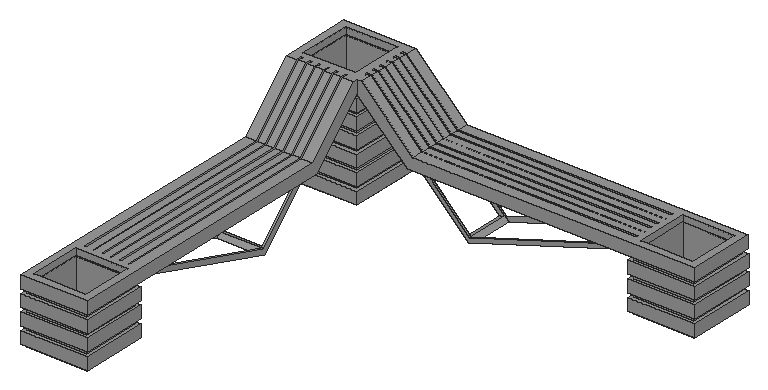
Revit family "Скамейка стальная угловая с вазонами «Аврора» Арт 14648", category Антураж, Revit 2018
Family settings
  На основе рабочей плоскости = Нет
  Всегда вертикально = Да
  При загрузке вырезать с полостями = Нет
  Источник визуального образа = Геометрия семейства
  Общий = Нет
  Точка расчета площади = Нет
Parameters (values of type "Скамейка стальная угловая с вазонами «Аврора»")
  Ширина = 2800 mm  # constant formula
  Цвет отделки = Дерево
  Цвет каркаса = Сталь
  Описание = "Скамейка стальная угловая с вазонами «Аврора»"  # constant formula
  Материал изделия = "Сталь, дерево"  # constant formula
  Изображение типоразмера = Скамейка стальная угловая с вазонами «Аврора» Арт 14648.jpg
  Изготовитель = "ООО «Хоббика»"  # constant formula
  Длина = 2800 mm  # constant formula
  Группа модели = "Скамейки"  # constant formula
  Высота = 800 mm  # constant formula
  Артикул товара = "Арт. 14648"  # constant formula
  URL = "https://hobbyka.ru/product/skamya_uglovaya_s_vazonami_avrora/"
Reference planes
  plane 1 "По центру (Вперед/Назад)": y = 0
  plane 2: z = 0
  plane 3 "По центру (Влево/Вправо)": x = 0
  plane 4: x = 2800
  plane 5: y = 2800
  plane 6: z = 800
Forms (mm)
  Sweep 1, solid, material "Дерево" <- "Цвет отделки"
    path origin (0, 0, 0) x (1, 0, 0) y (0, 1, 0)
      loop
        line (0, 0) -> (465, 0) -> (465, 465) -> (0, 465) -> (0, 0)
    profile origin (232.5, 0, 0) x (0, 1, 0) y (0, 0, 1)
      loop
        line (0, 450) -> (0, 365) -> (50, 365) -> (50, 450) -> (0, 450)
      loop
        line (0, 335) -> (0, 250) -> (50, 250) -> (50, 335) -> (0, 335)
      loop
        line (0, 220) -> (0, 135) -> (50, 135) -> (50, 220) -> (0, 220)
      loop
        line (0, 105) -> (0, 20) -> (50, 20) -> (50, 105) -> (0, 105)
  Sweep 2, solid, material "Сталь" <- "Цвет каркаса"
    path origin (0, 0, 0) x (1, 0, 0) y (0, 1, 0)
      loop
        line (50, 415) -> (50, 50) -> (415, 50) -> (415, 415) -> (50, 415)
    profile origin (232.5, 50, 0) x (0, -1, 0) y (0, 0, 1)
      loop
        line (0, 410) -> (-5, 410) -> (-5, 0) -> (25, 0) -> (25, 20) -> (0, 20) -> (0, 105) -> (25, 105) -> (25, 135) -> (0, 135) -> (0, 220) -> (25, 220) -> (25, 250) -> (0, 250) -> (0, 335) -> (25, 335) -> (25, 365) -> (0, 365) -> (0, 410)
  Extrusion 3, solid, material "Сталь" <- "Цвет каркаса"
    sketch origin (0, 0, 0) x (1, 0, 0) y (0, 1, 0)
      loop
        line (55, 410) -> (55, 55) -> (410, 55) -> (410, 410) -> (55, 410)
    from 0 to 5
  Sweep 4, solid, material "Дерево" <- "Цвет отделки"
    path origin (2335, 2335, 0) x (1, 0, 0) y (0, 1, 0)
      loop
        line (0, 0) -> (465, 0) -> (465, 465) -> (0, 465) -> (0, 0)
    profile origin (2567.5, 2335, 0) x (0, 1, 0) y (0, 0, 1)
      loop
        line (0, 450) -> (0, 365) -> (50, 365) -> (50, 450) -> (0, 450)
      loop
        line (0, 335) -> (0, 250) -> (50, 250) -> (50, 335) -> (0, 335)
      loop
        line (0, 220) -> (0, 135) -> (50, 135) -> (50, 220) -> (0, 220)
      loop
        line (0, 105) -> (0, 20) -> (50, 20) -> (50, 105) -> (0, 105)
  Sweep 5, solid, material "Сталь" <- "Цвет каркаса"
    path origin (0, 2335, 0) x (1, 0, 0) y (0, 1, 0)
      loop
        line (50, 415) -> (50, 50) -> (415, 50) -> (415, 415) -> (50, 415)
    profile origin (232.5, 2385, 0) x (0, -1, 0) y (0, 0, 1)
      loop
        line (0, 365) -> (0, 450) -> (25, 450) -> (25, 480) -> (0, 480) -> (0, 565) -> (25, 565) -> (25, 595) -> (0, 595) -> (0, 680) -> (25, 680) -> (25, 710) -> (0, 710) -> (0, 755) -> (-5, 755) -> (-5, 0) -> (25, 0) -> (25, 20) -> (0, 20) -> (0, 105) -> (25, 105) -> (25, 135) -> (0, 135) -> (0, 220) -> (25, 220) -> (25, 250) -> (0, 250) -> (0, 335) -> (25, 335) -> (25, 365) -> (0, 365)
  Extrusion 6, solid, material "Сталь" <- "Цвет каркаса"
    sketch origin (2335, 2335, 0) x (1, 0, 0) y (0, 1, 0)
      loop
        line (55, 410) -> (55, 55) -> (410, 55) -> (410, 410) -> (55, 410)
    from 0 to 5
  Sweep 7, solid, material "Дерево" <- "Цвет отделки"
    path origin (0, 2335, 0) x (1, 0, 0) y (0, 1, 0)
      loop
        line (0, 0) -> (465, 0) -> (465, 465) -> (0, 465) -> (0, 0)
    profile origin (232.5, 2335, 0) x (0, 1, 0) y (0, 0, 1)
      loop
        line (0, 450) -> (0, 365) -> (50, 365) -> (50, 450) -> (0, 450)
      loop
        line (0, 335) -> (0, 250) -> (50, 250) -> (50, 335) -> (0, 335)
      loop
        line (0, 220) -> (0, 135) -> (50, 135) -> (50, 220) -> (0, 220)
      loop
        line (0, 105) -> (0, 20) -> (50, 20) -> (50, 105) -> (0, 105)
      loop
        line (0, 800) -> (0, 710) -> (50, 710) -> (50, 800) -> (0, 800)
      loop
        line (0, 680) -> (0, 595) -> (50, 595) -> (50, 680) -> (0, 680)
      loop
        line (0, 565) -> (0, 480) -> (50, 480) -> (50, 565) -> (0, 565)
  Sweep 8, solid, material "Сталь" <- "Цвет каркаса"
    path origin (2335, 2335, 0) x (1, 0, 0) y (0, 1, 0)
      loop
        line (50, 415) -> (50, 50) -> (415, 50) -> (415, 415) -> (50, 415)
    profile origin (2567.5, 2385, 0) x (0, -1, 0) y (0, 0, 1)
      loop
        line (0, 410) -> (-5, 410) -> (-5, 0) -> (25, 0) -> (25, 20) -> (0, 20) -> (0, 105) -> (25, 105) -> (25, 135) -> (0, 135) -> (0, 220) -> (25, 220) -> (25, 250) -> (0, 250) -> (0, 335) -> (25, 335) -> (25, 365) -> (0, 365) -> (0, 410)
  Extrusion 9, solid, material "Сталь" <- "Цвет каркаса"
    sketch origin (0, 2335, 0) x (1, 0, 0) y (0, 1, 0)
      loop
        line (55, 410) -> (55, 55) -> (410, 55) -> (410, 410) -> (55, 410)
    from 0 to 5
  Sweep 10, solid, material "Дерево" <- "Цвет отделки"
    path origin (0, 0, 0) x (0, 1, 0) y (0, 0, 1)
      loop
        line (465, 450) -> (1952, 450) -> (2302, 800)
    profile origin (0, 1208.5, 450) x (0, 0, 1) y (1, 0, 0)
      loop
        line (0, 0) -> (0, 75.033) -> (-85, 75.033) -> (-85, 0) -> (0, 0)
      loop
        line (0, 465) -> (-85, 465) -> (-85, 389.967) -> (0, 389.967) -> (0, 465)
      loop
        line (0, 135.833) -> (-85, 135.833) -> (-85, 85.833) -> (0, 85.833) -> (0, 135.833)
      loop
        line (0, 196.667) -> (-85, 196.667) -> (-85, 146.667) -> (0, 146.667) -> (0, 196.667)
      loop
        line (0, 257.5) -> (-85, 257.5) -> (-85, 207.5) -> (0, 207.5) -> (0, 257.5)
      loop
        line (0, 318.333) -> (-85, 318.333) -> (-85, 268.333) -> (0, 268.333) -> (0, 318.333)
      loop
        line (0, 379.167) -> (-85, 379.167) -> (-85, 329.167) -> (0, 329.167) -> (0, 379.167)
  Extrusion 11, solid, material "Дерево" <- "Цвет отделки"
    sketch origin (0, 0, 0) x (0, 1, 0) y (0, 0, 1)
      loop
        line (2335, 800) -> (2302, 800) -> (2335, 767) -> (2335, 800)
    from 0 to 75.033
  Extrusion 12, solid, material "Дерево" <- "Цвет отделки"
    sketch origin (0, 0, 0) x (0, 1, 0) y (0, 0, 1)
      loop
        line (2335, 800) -> (2302, 800) -> (2335, 767) -> (2335, 800)
    from 389.967 to 465
  Extrusion 13, solid, material "Дерево" <- "Цвет отделки"
    sketch origin (0, 0, 0) x (0, 1, 0) y (0, 0, 1)
      loop
        line (2335, 800) -> (2302, 800) -> (2335, 767) -> (2335, 800)
    from 329.167 to 379.167
  Extrusion 14, solid, material "Дерево" <- "Цвет отделки"
    sketch origin (0, 0, 0) x (0, 1, 0) y (0, 0, 1)
      loop
        line (2335, 800) -> (2302, 800) -> (2335, 767) -> (2335, 800)
    from 268.333 to 318.333
  Extrusion 15, solid, material "Дерево" <- "Цвет отделки"
    sketch origin (0, 0, 0) x (0, 1, 0) y (0, 0, 1)
      loop
        line (2335, 800) -> (2302, 800) -> (2335, 767) -> (2335, 800)
    from 207.5 to 257.5
  Extrusion 16, solid, material "Дерево" <- "Цвет отделки"
    sketch origin (0, 0, 0) x (0, 1, 0) y (0, 0, 1)
      loop
        line (2335, 800) -> (2302, 800) -> (2335, 767) -> (2335, 800)
    from 146.667 to 196.667
  Extrusion 17, solid, material "Дерево" <- "Цвет отделки"
    sketch origin (0, 0, 0) x (0, 1, 0) y (0, 0, 1)
      loop
        line (2335, 800) -> (2302, 800) -> (2335, 767) -> (2335, 800)
    from 85.833 to 135.833
  Sweep 18, solid, material "Сталь" <- "Цвет каркаса"
    path origin (0, 0, 0) x (0, 1, 0) y (0, 0, 1)
      loop
        line (2335, 710) -> (1625, 0) -> (465, 365)
    profile origin (0, 1980, 355) x (0, 0.707107, -0.707107) y (1, 0, 0)
      loop
        line (-33.473, 75.033) -> (0, 75.033) -> (0, 85.833) -> (-33.473, 85.833) -> (-33.473, 75.033)
      loop
        line (-33.473, 379.167) -> (0, 379.167) -> (0, 389.967) -> (-33.473, 389.967) -> (-33.473, 379.167)
  Extrusion 19, solid, material "Сталь" <- "Цвет каркаса"
    sketch origin (0, 0, 0) x (0, 1, 0) y (0, 0, 1)
      loop
        line (1588.992, 11.33) -> (1625, 0) -> (1651.692, 26.692) -> (1615.684, 38.022) -> (1588.992, 11.33)
    from 85.833 to 379.167
  Sweep 20, solid, material "Дерево" <- "Цвет отделки"
    path origin (2800, 2335, 0) x (-1, 0, 0) y (0, 0, 1)
      loop
        line (465, 450) -> (1952, 450) -> (2302, 800)
    profile origin (1591.5, 2335, 450) x (0, 0, 1) y (0, 1, 0)
      loop
        line (0, 0) -> (0, 75.033) -> (-85, 75.033) -> (-85, 0) -> (0, 0)
      loop
        line (0, 465) -> (-85, 465) -> (-85, 389.967) -> (0, 389.967) -> (0, 465)
      loop
        line (0, 135.833) -> (-85, 135.833) -> (-85, 85.833) -> (0, 85.833) -> (0, 135.833)
      loop
        line (0, 196.667) -> (-85, 196.667) -> (-85, 146.667) -> (0, 146.667) -> (0, 196.667)
      loop
        line (0, 257.5) -> (-85, 257.5) -> (-85, 207.5) -> (0, 207.5) -> (0, 257.5)
      loop
        line (0, 318.333) -> (-85, 318.333) -> (-85, 268.333) -> (0, 268.333) -> (0, 318.333)
      loop
        line (0, 379.167) -> (-85, 379.167) -> (-85, 329.167) -> (0, 329.167) -> (0, 379.167)
  Extrusion 21, solid, material "Дерево" <- "Цвет отделки"
    sketch origin (2800, 2335, 0) x (-1, 0, 0) y (0, 0, 1)
      loop
        line (2335, 800) -> (2302, 800) -> (2335, 767) -> (2335, 800)
    from 0 to 75.033
  Extrusion 22, solid, material "Дерево" <- "Цвет отделки"
    sketch origin (2800, 2335, 0) x (-1, 0, 0) y (0, 0, 1)
      loop
        line (2335, 800) -> (2302, 800) -> (2335, 767) -> (2335, 800)
    from 389.967 to 465
  Extrusion 23, solid, material "Дерево" <- "Цвет отделки"
    sketch origin (2800, 2335, 0) x (-1, 0, 0) y (0, 0, 1)
      loop
        line (2335, 800) -> (2302, 800) -> (2335, 767) -> (2335, 800)
    from 329.167 to 379.167
  Extrusion 24, solid, material "Дерево" <- "Цвет отделки"
    sketch origin (2800, 2335, 0) x (-1, 0, 0) y (0, 0, 1)
      loop
        line (2335, 800) -> (2302, 800) -> (2335, 767) -> (2335, 800)
    from 268.333 to 318.333
  Extrusion 25, solid, material "Дерево" <- "Цвет отделки"
    sketch origin (2800, 2335, 0) x (-1, 0, 0) y (0, 0, 1)
      loop
        line (2335, 800) -> (2302, 800) -> (2335, 767) -> (2335, 800)
    from 207.5 to 257.5
  Extrusion 26, solid, material "Дерево" <- "Цвет отделки"
    sketch origin (2800, 2335, 0) x (-1, 0, 0) y (0, 0, 1)
      loop
        line (2335, 800) -> (2302, 800) -> (2335, 767) -> (2335, 800)
    from 146.667 to 196.667
  Extrusion 27, solid, material "Дерево" <- "Цвет отделки"
    sketch origin (2800, 2335, 0) x (-1, 0, 0) y (0, 0, 1)
      loop
        line (2335, 800) -> (2302, 800) -> (2335, 767) -> (2335, 800)
    from 85.833 to 135.833
  Sweep 28, solid, material "Сталь" <- "Цвет каркаса"
    path origin (2800, 2335, 0) x (-1, 0, 0) y (0, 0, 1)
      loop
        line (2335, 710) -> (1625, 0) -> (465, 365)
    profile origin (820, 2335, 355) x (-0.707107, 0, -0.707107) y (0, 1, 0)
      loop
        line (-33.473, 75.033) -> (0, 75.033) -> (0, 85.833) -> (-33.473, 85.833) -> (-33.473, 75.033)
      loop
        line (-33.473, 379.167) -> (0, 379.167) -> (0, 389.967) -> (-33.473, 389.967) -> (-33.473, 379.167)
  Extrusion 29, solid, material "Сталь" <- "Цвет каркаса"
    sketch origin (2800, 2335, 0) x (-1, 0, 0) y (0, 0, 1)
      loop
        line (1588.992, 11.33) -> (1625, 0) -> (1651.692, 26.692) -> (1615.684, 38.022) -> (1588.992, 11.33)
    from 85.833 to 379.167
Cuts and joins
  joined: Sweep 2, Extrusion 3
  joined: Sweep 18, Extrusion 19
  joined: Sweep 5, Extrusion 9
  joined: Extrusion 6, Sweep 8
  joined: Sweep 1, Sweep 4, Sweep 7, Sweep 10, Extrusion 11, Extrusion 12, Extrusion 13, Extrusion 14, Extrusion 15, Extrusion 16, Extrusion 17, Sweep 20, Extrusion 21, Extrusion 22, Extrusion 23, Extrusion 24, Extrusion 25, Extrusion 26, Extrusion 27
Lines and regions (mm)
  symbolic lines
    curve 1: line (0, 2800, 0) -> (465, 2335, 0)
    curve 2: line (465, 2800, 0) -> (0, 2335, 0)
Dimensions and locks
  "Ширина": plane 5 to plane 1 "По центру (Вперед/Назад)"
  "Длина": plane 3 "По центру (Влево/Вправо)" to plane 4
  "Высота": plane 6 to plane 2
  aligned and locked: level to plane 2
Automatic sketch dimensions
  Sweep 1 sketch curve to plane 3 "По центру (Влево/Вправо)" = 0 mm
  plane 1 "По центру (Вперед/Назад)" to Sweep 1 sketch curve = 0 mm
  plane 3 "По центру (Влево/Вправо)" to Sweep 1 sketch curve = 465 mm
  Sweep 1 sketch curve to plane 1 "По центру (Вперед/Назад)" = 465 mm
  Sweep 1 sketch curve to profile plane = 0 mm  (x4)
  Sweep 1 sketch curve to Sweep 1 sketch curve = 50 mm
  Sweep 1 sketch curve to Sweep 1 sketch curve = 0 mm  (x3)
  level to Sweep 1 sketch curve = 20 mm
  Sweep 1 sketch curve to Sweep 1 sketch curve = 85 mm  (x4)
  Sweep 1 sketch curve to Sweep 1 sketch curve = 30 mm  (x3)
  plane 3 "По центру (Влево/Вправо)" to Sweep 2 sketch curve = 50 mm
  Sweep 2 sketch curve to plane 1 "По центру (Вперед/Назад)" = 50 mm
  Sweep 2 sketch curve to Sweep 2 sketch curve = 365 mm  (x2)
  Sweep 2 sketch curve to level = 0 mm
  Sweep 2 sketch curve to profile plane = 0 mm  (x4)
  profile plane to Sweep 2 sketch curve = 5 mm
  Sweep 2 sketch curve to Sweep 2 sketch curve = 25 mm  (x4)
  level to Sweep 2 sketch curve = 20 mm
  Sweep 2 sketch curve to Sweep 2 sketch curve = 85 mm  (x3)
  Sweep 2 sketch curve to Sweep 2 sketch curve = 30 mm  (x3)
  Sweep 2 sketch curve to Sweep 2 sketch curve = 45 mm
  plane 3 "По центру (Влево/Вправо)" to Extrusion 3 sketch curve = 55 mm
  Extrusion 3 sketch curve to plane 1 "По центру (Вперед/Назад)" = 55 mm
  Extrusion 3 sketch curve to Extrusion 3 sketch curve = 355 mm  (x2)
  Sweep 4 sketch curve to plane 5 = 0 mm
  Sweep 4 sketch curve to plane 4 = 0 mm
  Sweep 4 sketch curve to Sweep 4 sketch curve = 465 mm
  Sweep 4 sketch curve to plane 5 = 465 mm
  Sweep 4 sketch curve to profile plane = 0 mm  (x4)
  Sweep 4 sketch curve to Sweep 4 sketch curve = 50 mm
  Sweep 4 sketch curve to Sweep 4 sketch curve = 0 mm  (x3)
  level to Sweep 4 sketch curve = 20 mm
  Sweep 4 sketch curve to Sweep 4 sketch curve = 85 mm  (x4)
  Sweep 4 sketch curve to Sweep 4 sketch curve = 30 mm  (x3)
  plane 3 "По центру (Влево/Вправо)" to Sweep 5 sketch curve = 50 mm
  Sweep 5 sketch curve to Sweep 5 sketch curve = 365 mm
  Sweep 5 sketch curve to plane 5 = 415 mm
  Sweep 5 sketch curve to plane 5 = 50 mm
  Sweep 5 sketch curve to level = 0 mm
  Sweep 5 sketch curve to profile plane = 0 mm  (x7)
  profile plane to Sweep 5 sketch curve = 5 mm
  Sweep 5 sketch curve to profile plane = 25 mm  (x5)
  Sweep 5 sketch curve to Sweep 5 sketch curve = 25 mm  (x2)
  level to Sweep 5 sketch curve = 20 mm
  Sweep 5 sketch curve to Sweep 5 sketch curve = 85 mm  (x6)
  Sweep 5 sketch curve to Sweep 5 sketch curve = 30 mm  (x6)
  Sweep 5 sketch curve to Sweep 5 sketch curve = 45 mm
  Extrusion 6 sketch curve to plane 4 = 410 mm
  Extrusion 6 sketch curve to plane 4 = 55 mm
  Extrusion 6 sketch curve to plane 5 = 410 mm
  Extrusion 6 sketch curve to plane 5 = 55 mm
  Sweep 7 sketch curve to plane 3 "По центру (Влево/Вправо)" = 0 mm
  Sweep 7 sketch curve to plane 5 = 0 mm
  plane 3 "По центру (Влево/Вправо)" to Sweep 7 sketch curve = 465 mm
  Sweep 7 sketch curve to plane 5 = 465 mm
  Sweep 7 sketch curve to profile plane = 0 mm  (x7)
  level to Sweep 7 sketch curve = 20 mm
  Sweep 7 sketch curve to profile plane = 50 mm
  Sweep 7 sketch curve to Sweep 7 sketch curve = 0 mm  (x5)
  Sweep 7 sketch curve to Sweep 7 sketch curve = 50 mm
  Sweep 7 sketch curve to Sweep 7 sketch curve = 85 mm  (x6)
  Sweep 7 sketch curve to Sweep 7 sketch curve = 30 mm  (x6)
  Sweep 7 sketch curve to Sweep 7 sketch curve = 90 mm
  Sweep 8 sketch curve to plane 4 = 415 mm
  Sweep 8 sketch curve to plane 4 = 50 mm
  Sweep 8 sketch curve to plane 5 = 415 mm
  Sweep 8 sketch curve to plane 5 = 50 mm
  Sweep 8 sketch curve to level = 0 mm
  Sweep 8 sketch curve to profile plane = 0 mm  (x4)
  profile plane to Sweep 8 sketch curve = 5 mm
  Sweep 8 sketch curve to profile plane = 25 mm  (x4)
  level to Sweep 8 sketch curve = 20 mm
  Sweep 8 sketch curve to Sweep 8 sketch curve = 85 mm  (x3)
  Sweep 8 sketch curve to Sweep 8 sketch curve = 30 mm  (x3)
  Sweep 8 sketch curve to Sweep 8 sketch curve = 45 mm
  plane 3 "По центру (Влево/Вправо)" to Extrusion 9 sketch curve = 55 mm
  Extrusion 9 sketch curve to Extrusion 9 sketch curve = 355 mm
  Extrusion 9 sketch curve to plane 5 = 410 mm
  Extrusion 9 sketch curve to plane 5 = 55 mm
  Sweep 10 sketch curve to plane 6 = 0 mm
  Sweep 10 sketch curve to plane 6 = 350 mm
  Sweep 10 sketch curve to plane 5 = 848 mm
  Sweep 10 sketch curve to plane 1 "По центру (Вперед/Назад)" = 465 mm
  Sweep 10 sketch curve to Sweep 10 sketch curve = 350 mm
  Sweep 10 sketch curve to plane 3 "По центру (Влево/Вправо)" = 0 mm
  Sweep 10 sketch curve to profile plane = 0 mm  (x7)
  profile plane to Sweep 10 sketch curve = 85 mm  (x2)
  Sweep 10 sketch curve to Sweep 10 sketch curve = 0 mm  (x5)
  plane 3 "По центру (Влево/Вправо)" to Sweep 10 sketch curve = 75.033 mm
  Sweep 10 sketch curve to Sweep 10 sketch curve = 10.8 mm  (x2)
  Sweep 10 sketch curve to Sweep 10 sketch curve = 50 mm  (x5)
  Sweep 10 sketch curve to Sweep 10 sketch curve = 10.833 mm  (x4)
  Sweep 10 sketch curve to Sweep 10 sketch curve = 75.033 mm
  Extrusion 11 sketch curve to plane 6 = 0 mm
  Extrusion 11 sketch curve to plane 5 = 498 mm
  Extrusion 11 sketch curve to plane 6 = 33 mm
  Extrusion 11 sketch curve to Extrusion 11 sketch curve = 33 mm
  Extrusion 12 sketch curve to plane 6 = 0 mm
  Extrusion 12 sketch curve to plane 5 = 498 mm
  Extrusion 12 sketch curve to plane 6 = 33 mm
  Extrusion 12 sketch curve to Extrusion 12 sketch curve = 33 mm
  Extrusion 13 sketch curve to plane 6 = 0 mm
  Extrusion 13 sketch curve to plane 5 = 498 mm
  Extrusion 13 sketch curve to plane 6 = 33 mm
  Extrusion 13 sketch curve to Extrusion 13 sketch curve = 33 mm
  Extrusion 14 sketch curve to plane 6 = 0 mm
  Extrusion 14 sketch curve to plane 5 = 498 mm
  Extrusion 14 sketch curve to plane 6 = 33 mm
  Extrusion 14 sketch curve to Extrusion 14 sketch curve = 33 mm
  Extrusion 15 sketch curve to plane 6 = 0 mm
  Extrusion 15 sketch curve to plane 5 = 498 mm
  Extrusion 15 sketch curve to plane 6 = 33 mm
  Extrusion 15 sketch curve to Extrusion 15 sketch curve = 33 mm
  Extrusion 16 sketch curve to plane 6 = 0 mm
  Extrusion 16 sketch curve to plane 5 = 498 mm
  Extrusion 16 sketch curve to plane 6 = 33 mm
  Extrusion 16 sketch curve to Extrusion 16 sketch curve = 33 mm
  Extrusion 17 sketch curve to plane 6 = 0 mm
  Extrusion 17 sketch curve to plane 5 = 498 mm
  Extrusion 17 sketch curve to plane 6 = 33 mm
  Extrusion 17 sketch curve to Extrusion 17 sketch curve = 33 mm
  level to Sweep 18 sketch curve = 0 mm
  Sweep 18 sketch curve to plane 5 = 1175 mm
  Sweep 18 sketch curve to plane 6 = 90 mm
  Sweep 18 sketch curve to plane 5 = 465 mm
  level to Sweep 18 sketch curve = 365 mm
  Sweep 18 sketch curve to profile plane = 0 mm  (x2)
  profile plane to Sweep 18 sketch curve = 33.473 mm  (x2)
  plane 3 "По центру (Влево/Вправо)" to Sweep 18 sketch curve = 75.033 mm
  Sweep 18 sketch curve to Sweep 18 sketch curve = 10.8 mm  (x2)
  Sweep 18 sketch curve to Sweep 18 sketch curve = 293.333 mm
  Sweep 18 sketch curve to plane 1 "По центру (Вперед/Назад)" = 465 mm
  level to Extrusion 19 sketch curve = 0 mm
  level to Extrusion 19 sketch curve = 26.692 mm
  Extrusion 19 sketch curve to Extrusion 19 sketch curve = 26.692 mm  (x2)
  Extrusion 19 sketch curve to Extrusion 19 sketch curve = 36.008 mm  (x2)
  Extrusion 19 sketch curve to plane 5 = 1184.316 mm
  level to Extrusion 19 sketch curve = 11.33 mm
  curve 2 to plane 3 "По центру (Влево/Вправо)" = 0 mm
  curve 1 to plane 3 "По центру (Влево/Вправо)" = 0 mm
  curve 2 to plane 5 = 0 mm
  curve 1 to plane 5 = 0 mm
  plane 3 "По центру (Влево/Вправо)" to curve 2 = 465 mm
  curve 2 to curve 1 = 465 mm
  curve 2 to plane 5 = 465 mm
  curve 1 to plane 5 = 465 mm
  Sweep 20 sketch curve to plane 6 = 0 mm
  Sweep 20 sketch curve to plane 6 = 350 mm
  plane 3 "По центру (Влево/Вправо)" to Sweep 20 sketch curve = 848 mm
  Sweep 20 sketch curve to plane 4 = 465 mm
  Sweep 20 sketch curve to Sweep 20 sketch curve = 350 mm
  Sweep 20 sketch curve to profile plane = 0 mm
  profile plane to Sweep 20 sketch curve = 0 mm  (x7)
  profile plane to Sweep 20 sketch curve = 85 mm  (x2)
  Sweep 20 sketch curve to Sweep 20 sketch curve = 0 mm  (x5)
  profile plane to Sweep 20 sketch curve = 75.033 mm
  Sweep 20 sketch curve to Sweep 20 sketch curve = 10.8 mm  (x2)
  Sweep 20 sketch curve to Sweep 20 sketch curve = 50 mm  (x5)
  Sweep 20 sketch curve to Sweep 20 sketch curve = 10.833 mm  (x4)
  Sweep 20 sketch curve to Sweep 20 sketch curve = 75.033 mm
  Extrusion 21 sketch curve to plane 6 = 0 mm
  plane 3 "По центру (Влево/Вправо)" to Extrusion 21 sketch curve = 498 mm
  Extrusion 21 sketch curve to plane 6 = 33 mm
  Extrusion 21 sketch curve to Extrusion 21 sketch curve = 33 mm
  Extrusion 22 sketch curve to plane 6 = 0 mm
  plane 3 "По центру (Влево/Вправо)" to Extrusion 22 sketch curve = 498 mm
  Extrusion 22 sketch curve to plane 6 = 33 mm
  Extrusion 22 sketch curve to Extrusion 22 sketch curve = 33 mm
  Extrusion 23 sketch curve to plane 6 = 0 mm
  plane 3 "По центру (Влево/Вправо)" to Extrusion 23 sketch curve = 498 mm
  Extrusion 23 sketch curve to plane 6 = 33 mm
  Extrusion 23 sketch curve to Extrusion 23 sketch curve = 33 mm
  Extrusion 24 sketch curve to plane 6 = 0 mm
  plane 3 "По центру (Влево/Вправо)" to Extrusion 24 sketch curve = 498 mm
  Extrusion 24 sketch curve to plane 6 = 33 mm
  Extrusion 24 sketch curve to Extrusion 24 sketch curve = 33 mm
  Extrusion 25 sketch curve to plane 6 = 0 mm
  plane 3 "По центру (Влево/Вправо)" to Extrusion 25 sketch curve = 498 mm
  Extrusion 25 sketch curve to plane 6 = 33 mm
  Extrusion 25 sketch curve to Extrusion 25 sketch curve = 33 mm
  Extrusion 26 sketch curve to plane 6 = 0 mm
  plane 3 "По центру (Влево/Вправо)" to Extrusion 26 sketch curve = 498 mm
  Extrusion 26 sketch curve to plane 6 = 33 mm
  Extrusion 26 sketch curve to Extrusion 26 sketch curve = 33 mm
  Extrusion 27 sketch curve to plane 6 = 0 mm
  plane 3 "По центру (Влево/Вправо)" to Extrusion 27 sketch curve = 498 mm
  Extrusion 27 sketch curve to plane 6 = 33 mm
  Extrusion 27 sketch curve to Extrusion 27 sketch curve = 33 mm
  Sweep 28 sketch curve to level = 0 mm
  plane 3 "По центру (Влево/Вправо)" to Sweep 28 sketch curve = 1175 mm
  Sweep 28 sketch curve to plane 4 = 465 mm
  Sweep 28 sketch curve to plane 6 = 90 mm
  plane 3 "По центру (Влево/Вправо)" to Sweep 28 sketch curve = 465 mm
  level to Sweep 28 sketch curve = 365 mm
  Sweep 28 sketch curve to profile plane = 0 mm  (x2)
  profile plane to Sweep 28 sketch curve = 33.473 mm  (x2)
  profile plane to Sweep 28 sketch curve = 75.033 mm
  Sweep 28 sketch curve to Sweep 28 sketch curve = 10.8 mm  (x2)
  Sweep 28 sketch curve to Sweep 28 sketch curve = 293.333 mm
  Extrusion 29 sketch curve to level = 0 mm
  level to Extrusion 29 sketch curve = 11.33 mm
  plane 3 "По центру (Влево/Вправо)" to Extrusion 29 sketch curve = 1211.008 mm
  level to Extrusion 29 sketch curve = 38.022 mm
  Extrusion 29 sketch curve to Extrusion 29 sketch curve = 26.692 mm  (x2)
  Extrusion 29 sketch curve to Extrusion 29 sketch curve = 36.008 mm
  level to Extrusion 29 sketch curve = 26.692 mm
